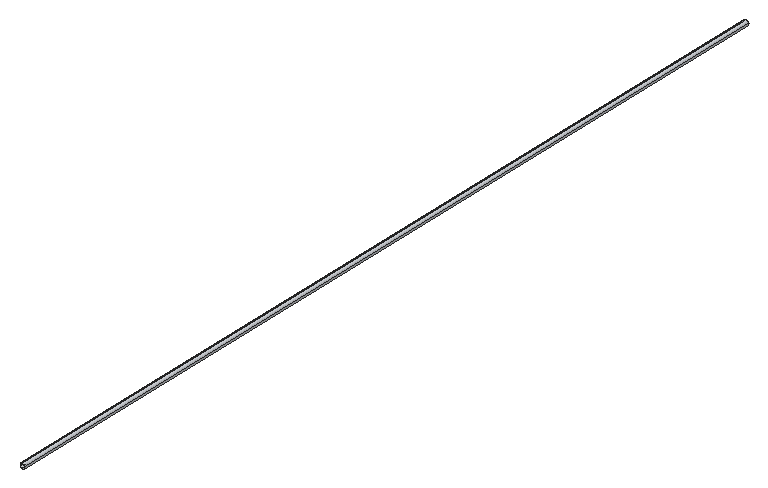
Revit family "BC20", category Generic Models, Revit 2017
Family settings
  Can host rebar = No
  Round Connector Dimension = Use Diameter
  Part Type = Normal
  Work Plane-Based = Yes
  Always vertical = No
  Cut with Voids When Loaded = No
  Shared = No
  Room Calculation Point = No
Parameters (values of type "NBS Standard Parameters")
  Weight = "2.42Kg"
  WarrantyStartDate [instance] = "1900-12-31T23:59:59"
  WarrantyGuarantorParts = "n/a"
  WarrantyGuarantorLabor = "n/a"
  WarrantyDurationUnit = "1 year"
  WarrantyDurationParts = "n/a"
  WarrantyDurationLabor = "n/a"
  WarrantyDescription = "n/a"
  Version = "1"
  Uniclass2 = "Pr_65_70_11_71"
  TagNumber [instance] = "n/a"
  SustainabilityPerformance = "n/a"
  Size = "20"
  Shape = "Circular"
  SerialNumber [instance] = "n/a"
  Revision = "n/a"
  ReplacementCost = "n/a"
  ProductInformation = "www.metpro.co.uk/pdf/bc20.pdf"
  NominalWidth = 20 mm
  NominalLength = 3750 mm
  NominalHeight = 20 mm
  Name = ""
  NBSTypeID = ""
  NBSReference = "90-55-10/380"
  NBSOfficeMasterTag = ""
  NBSNote = ""
  NBSDescription = "Rapid Conduit"
  NBSCertification = ""
  ModelReference = "BC20"
  ModelNumber = "n/a"
  Material = "Steel"
  ManufacturerURL = "www.metpro.co.uk"
  ManufacturerName = "Metpro.Ltd"
  Keynote = "Conforms to BS EN61386 - 1"
  InstallationDate [instance] = "1900-12-31T23:59:59"
  IfcExportType = ""
  IfcExportAs = ""
  Grade = "n/a"
  Finish = "Black Finish"
  Features = "n/a"
  ExpectedLife = "n/a"
  DurationUnit = "year"
  Description = "GC20 - 20mm Conduit 3.75 mtr Length"
  Default Elevation = 1219.2 mm
  Constituents = "n/a"
  Color = "n/a"
  CodePerformance = "n/a"
  Category = "n/a"
  BarCode [instance] = "n/a"
  BIMObjectName = "Metpro_metprolibrary_rigidconduit_metal_pregalvanised"
  Author = "Metpro Limited"
  AssetType = ""
  AssetIdentifier [instance] = "n/a"
  AccessibilityPerformance = "n/a"
Reference planes
  plane 1 "Center (Front/Back)": y = 0
  plane 2: z = 0
  plane 3 "Center (Left/Right)": x = 0
Forms (mm)
  Extrusion 1, solid
    sketch origin (43.495, 3014.834, 144.652) x (-1, 0, 0) y (0, 0, -1)
      loop
        circle (33.495, -15) r 10
      loop
        circle (33.495, -15) r 8.839
    from 0 to 3750
Dimensions and locks
  aligned and locked: level to plane 2
